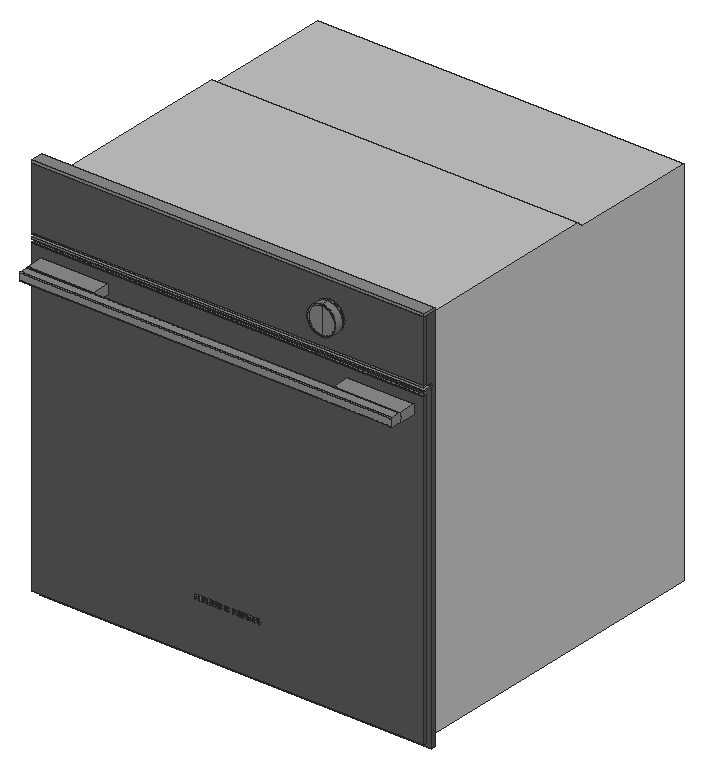
Revit family "FP-Revit19-en-OB60SM16PLB1-WallOven-0-90003129A-AU-NZ-CN-IE-UK", category Specialty Equipment, Revit 2019
Family settings
  Round Connector Dimension = Use Diameter
  Part Type = Normal
  OmniClass Number = 23.40.40.14.17.11
  OmniClass Title = Cookers, Ovens, Stoves
  Work Plane-Based = No
  Always vertical = Yes
  Cut with Voids When Loaded = Yes
  Shared = No
  Room Calculation Point = No
Parameters (values of type "OB60SM16PLB1")
  Visibility - Clearance Required = yes
  URL = "www.fisherpaykel.com"
  Product - Height = 598 mm  # constant formula
  Product - Width = 596 mm  # constant formula
  Product - Depth (Exc. Handles) = 565 mm  # constant formula
  Opening - Height = 600 mm  # constant formula
  Model = "OB60SM16PLB1"
  Material - Trim = Fisher & Paykel - Aluminium, Dark
  Material - Structure = Fisher & Paykel - Black
  Material - Handle = Fisher & Paykel - Aluminium, Dark
  Material - Glass = Fisher & Paykel - Glass, Black
  Material - Dial = Fisher & Paykel - Aluminium, Dark, Matt
  Material - Body = Fisher & Paykel - Grey
  Manufacturer = "Fisher & Paykel Appliances"
  FFL Offset [instance] = 900 mm
  Description = "Oven, 60cm , 16 Function, Self - Cleaning"
  Connector Description - Electrical = "220-240VAC, 50Hz ,15A"
  Chassis - Width = 556 mm  # constant formula
  Chassis - Height = 575 mm  # constant formula
  Chassis - Depth = 545 mm  # constant formula
  Cavity - Width = 560 mm  # constant formula
  Cavity - Height = 580 mm  # constant formula
  Cavity - Depth = 550 mm  # constant formula
Reference planes
  plane 1 "Datum": y = 0
  plane 2: z = -2
  plane 3 "Center (Left/Right)": x = 0
  plane 4 "Product LHS": x = -298
  plane 5 "Product RHS": x = 298
  plane 6 "Cavity RHS": x = 280
  plane 7 "FFL Offset": z = 898
  plane 8 "Chassis - Depth": y = 545
  plane 9 "Front Face": y = -20
  plane 10 "Chassis - Height": z = 1473
  plane 11 "Cavity - Height": z = 1478
  plane 12 "Opening - Height": z = 1498
  plane 13 "Cavity LHS": x = -280
  plane 14 "Cavity -Depth": y = 550
  plane 15 "Product - Height": z = 1496
  plane 16 "Opening - RHS": x = 300
  plane 17 "Opening - LHS": x = -300
  plane 18 "Chassis LHS": x = -278
  plane 19 "Chassis RHS": x = 278
Forms (mm)
  Extrusion 1, solid, material "Fisher & Paykel - Grey" <- "Material - Body"
    sketch origin (0, 0, 0) x (0, 1, 0) y (0, 0, 1)
      loop
        line (0, 1473) -> (0, 898) -> (528, 898) -> (528, 1088) -> (545, 1108) -> (545, 1303) -> (498, 1358) -> (498, 1466) -> (305, 1466) -> (298, 1473) -> (0, 1473)
    from -278 to 278
  Extrusion 2, solid, material "Fisher & Paykel - Black" <- "Material - Structure", detail levels fine
    sketch origin (0, 0, 0) x (0, 1, 0) y (0, 0, 1)
      loop
        line (0, 1492.7) -> (-16, 1492.7) -> (-16, 1396) -> (-4, 1396) -> (-4, 898) -> (0, 898) -> (0, 1492.7)
    from -298 to 298
  Extrusion 3, solid, material "Fisher & Paykel - Glass, Black" <- "Material - Glass", detail levels fine
    sketch origin (0, 0, -3) x (0, 1, 0) y (0, 0, 1)
      loop
        line (-20, 1386.4) -> (-20, 912.5) -> (-16, 912.5) -> (-16, 1386.4) -> (-20, 1386.4)
      loop
        line (-20, 1400.8) -> (-16, 1400.8) -> (-16, 1495.7) -> (-20, 1495.7) -> (-20, 1400.8)
    from -298 to 298
  Extrusion 4, solid, material "Fisher & Paykel - Black" <- "Material - Structure", detail levels fine
    sketch origin (0, 0, 0) x (0, 1, 0) y (0, 0, 1)
      loop
        line (-16, 909.5) -> (-4, 909.5) -> (-4, 1380.364) -> (-13.99, 1384) -> (-16, 1384) -> (-16, 909.5)
    from -268 to 268
  Extrusion 5, solid, material "Fisher & Paykel - Clearance Required", visible <- "Visibility - Clearance Required", detail levels coarse
    sketch origin (0, 0, -2) x (1, 0, 0) y (0, 1, 0)
      loop
        line (-280, 0) -> (280, 0) -> (280, 550) -> (-280, 550) -> (-280, 0)
    from 900 to 1480
  Extrusion 6, void
    sketch origin (0, 0, 0) x (0, 1, 0) y (0, 0, 1)
      loop
        line (-20, 898) -> (0, 898) -> (0, 1498) -> (-20, 1498) -> (-20, 898)
    from -300 to 300
  Extrusion 7, solid, material "Fisher & Paykel - Grey" <- "Material - Body"
    sketch origin (0, 2, 0) x (0, 1, 0) y (0, 0, 1)
      loop
        line (496, 1433.999) -> (496, 1376) -> (517.999, 1376) -> (517.999, 1433.999) -> (496, 1433.999)
    from -221 to -128
  Extrusion 8, solid, material "Fisher & Paykel - Aluminium, Dark" <- "Material - Trim", detail levels fine
    sketch origin (0, 0, -1.199) x (0, 1, 0) y (0, 0, 1)
      loop
        line (-16, 1397.199) -> (-16, 1398.999) -> (-20, 1398.999) -> (-20, 1397.199) -> (-16, 1397.199)
      loop
        line (-16, 1384.599) -> (-16, 1386.199) -> (-20, 1386.199) -> (-20, 1384.599) -> (-16, 1384.599)
      loop
        line (-4, 1390.799) -> (-4, 1392.399) -> (-20, 1392.399) -> (-20, 1390.799) -> (-4, 1390.799)
      loop
        line (0, 1493.899) -> (0, 1497.199) -> (-20, 1497.199) -> (-20, 1493.899) -> (0, 1493.899)
    from -298 to 298
  Extrusion 9, void
    sketch origin (0, 0, -2) x (1, 0, 0) y (0, 1, 0)
      loop
        line (201.865, 545) -> (229, 498) -> (278, 498) -> (278, 545) -> (201.865, 545)
      loop
        line (-201.865, 545) -> (-278, 545) -> (-278, 498) -> (-229, 498) -> (-201.865, 545)
    from 900 to 1480
  Extrusion 10, solid, material "Fisher & Paykel - Grey" <- "Material - Body"
    sketch origin (0, 6.626, -14.403) x (0, 1, 0) y (0, 0, 1)
      loop
        circle (501.374, 1419.388) r 5
    from -271 to -221
  Extrusion 11, void
    sketch origin (0, 0, -2) x (1, 0, 0) y (0, 1, 0)
      loop
        line (-280, 0) -> (280, 0) -> (280, 550) -> (-280, 550) -> (-280, 0)
    from 900 to 1480
  Extrusion 12, solid, material "Fisher & Paykel - Glass, Black" <- "Material - Glass", detail levels coarse+medium
    sketch origin (0, 0, 0) x (0, 1, 0) y (0, 0, 1)
      loop
        line (0, 1496) -> (-20, 1496) -> (-20, 1396) -> (-4, 1396) -> (-4, 1391.2) -> (-4, 1380.364) -> (-13.99, 1384) -> (-16, 1384) -> (-16, 1385) -> (-20, 1385) -> (-20, 909.5) -> (-4, 909.5) -> (-4, 898) -> (0, 898) -> (0, 1496)
    from -298 to 298
  Extrusion 13, solid, material "Fisher & Paykel - Clearance Required", visible <- "Visibility - Clearance Required", detail levels coarse
    sketch origin (0, 0, -15) x (0, 1, 0) y (0, 0, 1)
      loop
        line (-20, 946.639) -> (-20, 913) -> (0, 913) -> (0, 1513) -> (-20, 1513) -> (-20, 1400)
        arc (-20, 1400) -> (-332.479, 1274.952) -> (-475.335, 970.203) r 458.415
        line (-475.335, 970.203) -> (-461.431, 969.484) -> (-463.168, 935.896) -> (-450.381, 935.235) -> (-448.645, 968.805) -> (-20, 946.639)
    from -300 to 300
Cuts and joins
  Extrusion 9 cuts Extrusion 1
Text (mm)
  text "Due to ongoing product development, product details are subject to change without notice. \nPlease always refer to www.fisherpaykel.com for the most current product information. \n© Fisher & Paykel 2020" at (41.04, -613.295, 0), in view "Ref. Level (Plan)"
Dimensions and locks
  equal spacing: plane 4 "Product LHS", plane 3 "Center (Left/Right)", plane 5 "Product RHS"
  "Product - Width": plane 4 "Product LHS" to plane 5 "Product RHS"
  "FFL Offset": plane 7 "FFL Offset" to level
  locked: plane 9 "Front Face" to plane 1 "Datum" at 20
  "Cavity - Height": plane 11 "Cavity - Height" to plane 7 "FFL Offset"
  "Chassis - Height": plane 10 "Chassis - Height" to plane 7 "FFL Offset"
  "Cavity - Depth": plane 1 "Datum" to plane 14 "Cavity -Depth"
  "Cavity - Width": plane 13 "Cavity LHS" to plane 6 "Cavity RHS"
  Extrusion 6 to Extrusion 3 = 11.5 mm
  "Chassis - Depth": plane 1 "Datum" to plane 8 "Chassis - Depth"
  equal spacing: plane 13 "Cavity LHS", plane 3 "Center (Left/Right)", plane 6 "Cavity RHS"
  "Opening - Height": plane 7 "FFL Offset" to plane 12 "Opening - Height"
  "Product - Height": plane 7 "FFL Offset" to plane 15 "Product - Height"
  equal spacing: cut or joined group of Extrusion 1, Extrusion 9, plane 3 "Center (Left/Right)", cut or joined group of Extrusion 1, Extrusion 9
  "Chassis - Width": cut or joined group of Extrusion 1, Extrusion 9 to cut or joined group of Extrusion 1, Extrusion 9
  locked: plane 15 "Product - Height" to nested 2 at 506.195
  locked: nested 1 to plane 15 "Product - Height" at 52.1
  locked: nested 3 to plane 15 "Product - Height" at 135
  aligned and locked: level to plane 2
  aligned and locked: plane 4 "Product LHS" to Extrusion 3
  aligned and locked: Extrusion 3 to plane 5 "Product RHS"
  aligned and locked: plane 4 "Product LHS" to Extrusion 2
  aligned and locked: Extrusion 2 to plane 5 "Product RHS"
  aligned and locked: Extrusion 1 to plane 7 "FFL Offset"
  aligned and locked: Extrusion 8 to plane 5 "Product RHS"
  aligned and locked: Extrusion 8 to Extrusion 3
  aligned and locked: Extrusion 6 to Extrusion 3
  aligned and locked: Extrusion 3 to Extrusion 8
  aligned and locked: Extrusion 4 to Extrusion 3
  aligned and locked: Extrusion 4 to Extrusion 2
  aligned and locked: Extrusion 8 to plane 1 "Datum"
  aligned and locked: plane 9 "Front Face" to Extrusion 6
  aligned and locked: Extrusion 5 to plane 6 "Cavity RHS"
  aligned and locked: Extrusion 10 to Extrusion 7
  aligned and locked: plane 11 "Cavity - Height" to Extrusion 5
  aligned and locked: Extrusion 6 to plane 12 "Opening - Height"
  aligned and locked: Extrusion 6 to Extrusion 2
  aligned and locked: Extrusion 8 to plane 15 "Product - Height"
  aligned and locked: Extrusion 8 to Extrusion 2
  aligned and locked: Extrusion 9 to Extrusion 1
  aligned and locked: Extrusion 5 to Extrusion 2
  aligned and locked: Extrusion 5 to Extrusion 9
  aligned and locked: Extrusion 5 to plane 7 "FFL Offset"
  aligned and locked: Extrusion 1 to Extrusion 9
  aligned and locked: Extrusion 12 sketch curve to plane 15 "Product - Height"
  aligned and locked: plane 11 "Cavity - Height" to Extrusion 11
  aligned and locked: Extrusion 2 to Extrusion 11
  aligned and locked: Extrusion 3 to Extrusion 4
Automatic sketch dimensions
  Extrusion 1 sketch curve to plane 1 "Datum" = 0 mm
  Extrusion 1 sketch curve to plane 10 "Chassis - Height" = 0 mm
  Extrusion 1 sketch curve to plane 7 "FFL Offset" = 0 mm
  Extrusion 1 sketch curve to plane 8 "Chassis - Depth" = 0 mm
  Extrusion 1 sketch curve to Extrusion 1 sketch curve = 7 mm
  Extrusion 1 sketch curve to plane 10 "Chassis - Height" = 7 mm
  Extrusion 1 sketch curve to Extrusion 1 sketch curve = 20 mm
  Extrusion 2 sketch curve to plane 7 "FFL Offset" = 0 mm
  Extrusion 2 sketch curve to plane 1 "Datum" = 0 mm
  plane 1 "Datum" to Extrusion 2 sketch curve = 4 mm
  Extrusion 2 sketch curve to plane 9 "Front Face" = 4 mm
  plane 15 "Product - Height" to Extrusion 2 sketch curve = 3.3 mm
  Extrusion 3 sketch curve to plane 9 "Front Face" = 0 mm  (x2)
  Extrusion 3 sketch curve to Extrusion 3 sketch curve = 4 mm  (x2)
  plane 7 "FFL Offset" to Extrusion 3 sketch curve = 11.5 mm
  Extrusion 3 sketch curve to Extrusion 3 sketch curve = 14.4 mm
  plane 15 "Product - Height" to Extrusion 3 sketch curve = 3.3 mm
  Extrusion 4 sketch curve to plane 9 "Front Face" = 4 mm
  Extrusion 4 sketch curve to Extrusion 4 sketch curve = 2.01 mm
  plane 1 "Datum" to Extrusion 4 sketch curve = 4 mm
  plane 7 "FFL Offset" to Extrusion 4 sketch curve = 11.5 mm
  Extrusion 4 sketch curve to Extrusion 4 sketch curve = 3.636 mm
  Extrusion 5 sketch curve to plane 13 "Cavity LHS" = 0 mm
  Extrusion 5 sketch curve to plane 6 "Cavity RHS" = 0 mm
  plane 1 "Datum" to Extrusion 5 sketch curve = 0 mm
  Extrusion 5 sketch curve to plane 14 "Cavity -Depth" = 0 mm
  Extrusion 6 sketch curve to plane 9 "Front Face" = 0 mm
  Extrusion 6 sketch curve to plane 1 "Datum" = 0 mm
  Extrusion 6 sketch curve to plane 7 "FFL Offset" = 0 mm
  plane 12 "Opening - Height" to Extrusion 6 sketch curve = 0 mm
  Extrusion 7 sketch curve to Extrusion 7 sketch curve = 21.999 mm
  Extrusion 8 sketch curve to plane 9 "Front Face" = 0 mm  (x4)
  Extrusion 8 sketch curve to plane 1 "Datum" = 0 mm
  plane 15 "Product - Height" to Extrusion 8 sketch curve = 0 mm
  Extrusion 8 sketch curve to Extrusion 8 sketch curve = 4 mm  (x2)
  plane 1 "Datum" to Extrusion 8 sketch curve = 4 mm
  plane 15 "Product - Height" to Extrusion 8 sketch curve = 3.3 mm
  Extrusion 8 sketch curve to Extrusion 8 sketch curve = 1.8 mm
  Extrusion 8 sketch curve to Extrusion 8 sketch curve = 4.8 mm
  Extrusion 8 sketch curve to Extrusion 8 sketch curve = 1.6 mm  (x2)
  Extrusion 8 sketch curve to Extrusion 8 sketch curve = 4.6 mm
  Extrusion 9 sketch curve to plane 8 "Chassis - Depth" = 0 mm  (x2)
  Extrusion 9 sketch curve to plane 13 "Cavity LHS" = 2 mm
  Extrusion 9 sketch curve to Extrusion 9 sketch curve = 49 mm
  Extrusion 9 sketch curve to Extrusion 9 sketch curve = 27.135 mm
  plane 6 "Cavity RHS" to Extrusion 9 sketch curve = 78.135 mm
  plane 6 "Cavity RHS" to Extrusion 9 sketch curve = 51 mm
  plane 6 "Cavity RHS" to Extrusion 9 sketch curve = 2 mm
  Extrusion 11 sketch curve to plane 13 "Cavity LHS" = 0 mm
  Extrusion 11 sketch curve to plane 6 "Cavity RHS" = 0 mm
  plane 1 "Datum" to Extrusion 11 sketch curve = 0 mm
  Extrusion 11 sketch curve to plane 14 "Cavity -Depth" = 0 mm
  Extrusion 7 sketch curve to plane 10 "Chassis - Height" = 39.001 mm
  Extrusion 1 sketch curve to Extrusion 1 sketch curve = 163 mm
  Extrusion 1 sketch curve to Extrusion 1 sketch curve = 55 mm
  Extrusion 2 sketch curve to plane 10 "Chassis - Height" = 77 mm
  Extrusion 3 sketch curve to plane 10 "Chassis - Height" = 89.6 mm
  Extrusion 4 sketch curve to plane 10 "Chassis - Height" = 92.636 mm
  Extrusion 7 sketch curve to Extrusion 7 sketch curve = 57.999 mm
  Extrusion 8 sketch curve to plane 10 "Chassis - Height" = 75.2 mm
  Extrusion 10 sketch curve to plane 10 "Chassis - Height" = 68.015 mm
  Extrusion 13 sketch curve to plane 9 "Front Face" = 0 mm  (x2)
  Extrusion 13 sketch curve to plane 1 "Datum" = 0 mm
  plane 7 "FFL Offset" to Extrusion 13 sketch curve = 0 mm
  Extrusion 13 sketch curve to plane 12 "Opening - Height" = 0 mm
  plane 9 "Front Face" to Extrusion 13 sketch curve = 428.645 mm
  plane 7 "FFL Offset" to Extrusion 13 sketch curve = 22.235 mm
  Extrusion 13 sketch curve to Extrusion 13 sketch curve = 1.736 mm
  Extrusion 13 sketch curve to Extrusion 13 sketch curve = 12.786 mm
  Extrusion 13 sketch curve to plane 9 "Front Face" = 2.186 mm
  Extrusion 13 sketch curve to Extrusion 13 sketch curve = 5.049 mm
  Extrusion 12 sketch curve to plane 9 "Front Face" = 0 mm  (x2)
  Extrusion 12 sketch curve to plane 7 "FFL Offset" = 0 mm
  Extrusion 12 sketch curve to plane 1 "Datum" = 0 mm
  Extrusion 12 sketch curve to Extrusion 12 sketch curve = 4 mm
  Extrusion 12 sketch curve to Extrusion 12 sketch curve = 2.01 mm
  plane 1 "Datum" to Extrusion 12 sketch curve = 4 mm  (x2)
  Extrusion 12 sketch curve to plane 10 "Chassis - Height" = 92.636 mm
  Extrusion 12 sketch curve to Extrusion 12 sketch curve = 3.636 mm
  Extrusion 12 sketch curve to Extrusion 12 sketch curve = 1 mm
  Extrusion 12 sketch curve to Extrusion 12 sketch curve = 10.836 mm
  Extrusion 12 sketch curve to Extrusion 12 sketch curve = 11 mm
  Extrusion 12 sketch curve to Extrusion 12 sketch curve = 11.5 mm
  Extrusion 1 sketch curve to Extrusion 1 sketch curve = 190 mm
  plane 7 "FFL Offset" to Extrusion 13 sketch curve = 22.896 mm
  Extrusion 13 sketch curve to Extrusion 13 sketch curve = 12.787 mm
  plane 7 "FFL Offset" to Extrusion 13 sketch curve = 57.203 mm
  Extrusion 1 sketch curve to plane 8 "Chassis - Depth" = 247 mm
  Extrusion 1 sketch curve to plane 8 "Chassis - Depth" = 47 mm
  Extrusion 1 sketch curve to plane 8 "Chassis - Depth" = 17 mm
  Extrusion 7 sketch curve to plane 8 "Chassis - Depth" = 47 mm
  Extrusion 9 sketch curve to plane 8 "Chassis - Depth" = 47 mm  (x2)
  Extrusion 10 sketch curve to plane 8 "Chassis - Depth" = 37 mm
  radius of Extrusion 10 sketch curve = 5 mm
Nested families
  nested 1: "F&P Dial Minimal Oven" at (155.3, -20, 1444), type "F&P Dial Minimal Oven"
  nested 2: "F&P Logo 100mm" at (0.044, -20, 987), type "Grey"
  nested 3: "F&P Handle Contemporary Square Fine OB60-24" at (0, -20, 1361.022), type "Aluminium Black"
Connectors
  electrical at (-271, 508, 1404.985), driven by "Connector Description - Electrical"
    settings: on Extrusion 10, index 1, voltage 230 V, apparent load 0 VA, apparent load phase1 0 VA, apparent load phase2 0 VA, apparent load phase3 0 VA, power factor 1, load classification "Other", number of poles 1, system type 30, power factor state 1, is connector primary yes, connector utility yes, sub classification motor no, connector description "220-240VAC, 50Hz ,15A"
Definition of nested family "F&P Dial Minimal Oven"
  Parameters (values of type "F&P Dial Minimal Oven")
    URL = "www.fisherpaykel.com"
    Material - Buttons and Dials = none
    Manufacturer = "Fisher & Paykel Appliances"
  Reference planes
    plane 1 "Center (Front/Back)": y = 0
    plane 2: z = 0
    plane 3 "Center (Left/Right)": x = 0
    plane 4: x = 0
    plane 5 "Dial": z = 0
  Forms (mm)
    Revolve 1, solid, material <- "Material - Buttons and Dials", detail levels fine
      sketch origin (0, 0, 0) x (0, 1, 0) y (0, 0, 1)
        loop
          line (-15.2, 0) -> (0, 0) -> (0, 22) -> (-0.8, 22) -> (-0.8, 18.5) -> (-4.2, 18.5) -> (-4.2, 20.136) -> (-4.7, 22) -> (-15.8, 22) -> (-15.8, 21.2) -> (-15.301, 20) -> (-15.301, 0)
        axis (-15.8, 0) -> (0, 0)
      angle from 0 to 360
    Revolve 2, solid, material <- "Material - Buttons and Dials", detail levels coarse+medium
      sketch origin (0, 0, 0) x (0, 1, 0) y (0, 0, 1)
        loop
          line (0, 18.5) -> (-4.2, 18.5) -> (-4.2, 22) -> (-15.8, 22) -> (-15.8, 0) -> (0, 0) -> (0, 18.5)
        axis (-15.8, 0) -> (0, 0)
      angle from 0 to 360
  Dimensions and locks
    aligned and locked: level to plane 2
Definition of nested family "F&P Logo 100mm"
  Parameters (values of type "Grey")
    URL = "www.fisherpaykel.com"
    Material - Logo = none
    Manufacturer = "Fisher & Paykel Appliances"
  Reference planes
    plane 1 "Center (Front/Back)": y = 0
    plane 2: z = 0
    plane 3 "Center (Left/Right)": x = 0
    plane 4 "Logo": z = 2.805
  Forms (mm)
    Extrusion 1, solid, material <- "Material - Logo", detail levels fine
      sketch origin (0, 0, 0) x (1, 0, 0) y (0, 0, 1)
        loop
          line (-50.044, 0) -> (-48.47, 0) -> (-48.47, 2.138) -> (-46.011, 2.138) -> (-46.011, 3.472) -> (-48.47, 3.472) -> (-48.47, 4.712) -> (-45.795, 4.712) -> (-45.795, 6.04) -> (-50.044, 6.04) -> (-50.044, 0)
        loop
          line (-42.804, 6.04) -> (-42.804, 0) -> (-41.23, 0) -> (-41.23, 6.04) -> (-42.804, 6.04)
        loop
          line (-30.724, 6.04) -> (-30.724, 0) -> (-29.151, 0) -> (-29.151, 2.42) -> (-26.839, 2.42) -> (-26.839, 0) -> (-25.265, 0) -> (-25.265, 6.04) -> (-26.839, 6.04) -> (-26.839, 3.748) -> (-29.151, 3.748) -> (-29.151, 6.04) -> (-30.724, 6.04)
        loop
          line (-21.906, 6.04) -> (-21.906, 0) -> (-17.602, 0) -> (-17.602, 1.328) -> (-20.347, 1.328) -> (-20.347, 2.42) -> (-17.838, 2.42) -> (-17.838, 3.748) -> (-20.347, 3.748) -> (-20.347, 4.712) -> (-17.602, 4.712) -> (-17.602, 6.04) -> (-21.906, 6.04)
        loop
          line (45.667, 6.04) -> (45.667, 0) -> (49.956, 0) -> (49.956, 1.328) -> (47.241, 1.328) -> (47.241, 6.04) -> (45.667, 6.04)
        loop
          line (42.431, 6.04) -> (38.112, 6.04) -> (38.112, 0) -> (42.431, 0) -> (42.431, 1.328) -> (39.687, 1.328) -> (39.687, 2.42) -> (42.195, 2.42) -> (42.195, 3.748) -> (39.687, 3.748) -> (39.687, 4.712) -> (42.431, 4.712) -> (42.431, 6.04)
        loop
          line (33.443, 3.137) -> (35.683, 6.04) -> (33.844, 6.04) -> (31.915, 3.542) -> (31.915, 6.04) -> (30.342, 6.04) -> (30.342, 0) -> (31.915, 0) -> (31.915, 2.705) -> (33.903, 0) -> (35.747, 0) -> (33.443, 3.137)
        loop
          line (21.98, 6.04) -> (24.262, 2.42) -> (24.262, 0) -> (25.837, 0) -> (25.837, 2.341) -> (28.119, 6.04) -> (26.446, 6.04) -> (25.099, 3.707) -> (23.753, 6.04) -> (21.98, 6.04)
        loop
          line (18.479, 6.04) -> (16.983, 6.04) -> (14.524, 0) -> (16.069, 0) -> (16.501, 1.112) -> (18.786, 1.112) -> (19.219, 0) -> (20.938, 0) -> (18.479, 6.04)
        loop
          line (18.4, 2.439) -> (17.693, 4.174) -> (17.018, 2.439) -> (18.4, 2.439)
        loop
          line (8.031, 6.04) -> (8.031, 0) -> (9.605, 0) -> (9.605, 1.938) -> (10.599, 1.938)
          arc (10.599, 1.938) -> (12.65, 3.989) -> (10.599, 6.04) r 2.051
          line (10.599, 6.04) -> (8.031, 6.04)
        loop
          line (9.605, 4.712) -> (9.605, 3.197) -> (10.501, 3.197)
          arc (10.501, 3.197) -> (11.259, 3.954) -> (10.501, 4.712) r 0.757
          line (10.501, 4.712) -> (9.605, 4.712)
        loop
          line (-11.783, 6.04) -> (-14.366, 6.04) -> (-14.366, 0) -> (-12.792, 0) -> (-12.792, 1.336) -> (-11.992, 1.336) -> (-10.972, 0) -> (-9.153, 0) -> (-10.694, 1.973)
          arc (-10.694, 1.973) -> (-9.678, 4.424) -> (-11.783, 6.04) r 2.179
        loop
          line (-11.897, 4.712) -> (-12.792, 4.712) -> (-12.792, 3.053) -> (-11.897, 3.053)
          arc (-11.897, 3.053) -> (-11.068, 3.882) -> (-11.897, 4.712) r 0.83
        loop
          line (0.477, 4.712) -> (0.477, 6.153) -> (-3.575, 6.153) -> (-3.575, 4.851) -> (-2.974, 4.112)
          arc (-2.974, 4.112) -> (-3.51, 0.684) -> (-0.045, 0.512) r 2.334
          line (-0.045, 0.512) -> (0.46, -0.109) -> (2.246, -0.109) -> (0.86, 1.594) -> (2.061, 3.324) -> (0.443, 3.324) -> (-0.013, 2.667) -> (-1.677, 4.712) -> (0.477, 4.712)
        loop
          arc (-2.125, 3.068) -> (-2.269, 1.668) -> (-0.868, 1.524) r 0.996
          line (-0.868, 1.524) -> (-2.125, 3.068)
        loop
          line (-35.18, 3.634) -> (-36.516, 3.91)
          arc (-36.516, 3.91) -> (-37.049, 4.443) -> (-36.516, 4.976) r 0.533
          arc (-36.516, 4.976) -> (-35.235, 4.79) -> (-34.059, 4.248) r 4.505
          line (-34.059, 4.248) -> (-34.059, 5.743)
          arc (-34.059, 5.743) -> (-35.549, 6.179) -> (-37.1, 6.109) r 4.726
          arc (-37.1, 6.109) -> (-38.536, 4.335) -> (-37.1, 2.561) r 1.814
          line (-37.1, 2.561) -> (-35.754, 2.282)
          arc (-35.754, 2.282) -> (-35.221, 1.749) -> (-35.754, 1.216) r 0.533
          arc (-35.754, 1.216) -> (-37.035, 1.402) -> (-38.211, 1.945) r 4.505
          line (-38.211, 1.945) -> (-38.211, 0.449)
          arc (-38.211, 0.449) -> (-36.72, 0.013) -> (-35.169, 0.083) r 4.726
          arc (-35.169, 0.083) -> (-33.734, 1.863) -> (-35.18, 3.634) r 1.814
      from 0 to 0.8
  Dimensions and locks
    aligned and locked: level to plane 2
Definition of nested family "F&P Handle Contemporary Square Fine OB60-24"
  Parameters (values of type "Aluminium Black")
    URL = "www.fisherpaykel.com"
    Material - Handle = none
    Manufacturer = "Fisher & Paykel Appliances"
    Handle - Length = 565 mm
  Reference planes
    plane 1 "Center (Front/Back)": y = 0
    plane 2: z = 0
    plane 3 "Center (Left/Right)": x = 0
    plane 4 "Product LHS": x = -282.5
    plane 5 "Product RHS": x = 282.5
    plane 6 "LHS Standoff": x = -182.495
    plane 7 "RHS Standoff": x = 182.505
    plane 8 "Handle centre": z = -0.022
    plane 9: z = -0.022
  Forms (mm)
    Extrusion 1, solid, material <- "Material - Handle", detail levels fine
      sketch origin (0, 0, 0) x (0, 1, 0) y (0, 0, 1)
        loop
          arc (-26.813, 6.16) -> (-27.196, 6.554) -> (-27.728, 6.686) r 1
          line (-27.728, 6.686) -> (-40.035, 6.256)
          arc (-40.035, 6.256) -> (-40.719, 5.951) -> (-41, 5.257) r 1
          line (-41, 5.257) -> (-41, -5.257)
          arc (-41, -5.257) -> (-40.719, -5.951) -> (-40.035, -6.256) r 1
          line (-40.035, -6.256) -> (-27.709, -6.686)
          arc (-27.709, -6.686) -> (-27.175, -6.554) -> (-26.792, -6.158) r 1
          arc (-26.792, -6.158) -> (-25.256, 0.004) -> (-26.813, 6.16) r 13.038
      from -282.5 to 282.5
    Extrusion 2, solid, material <- "Material - Handle", detail levels fine
      sketch origin (0, 0, 0) x (0, 1, 0) y (0, 0, 1)
        loop
          arc (-26.626, -6.008) -> (-26.614, -6.49) -> (-26.2, -6.737) r 0.5
          line (-26.2, -6.737) -> (0, -7.696) -> (0, 7.704) -> (-26.174, 6.747)
          arc (-26.174, 6.747) -> (-26.587, 6.5) -> (-26.6, 6.019) r 0.5
          arc (-26.6, 6.019) -> (-25.156, 0.002) -> (-26.626, -6.008) r 13.136
      from 182.505 to 282.5
    Extrusion 3, solid, material <- "Material - Handle", detail levels coarse+medium
      sketch origin (0, 0, 0) x (1, 0, 0) y (0, 1, 0)
        loop
          line (-282.5, -42) -> (282.5, -42) -> (282.5, 0) -> (182.505, 0) -> (182.505, -26.156) -> (-182.495, -26.156) -> (-182.495, 0) -> (-282.5, 0) -> (-282.5, -42)
      from -8.022 to 7.978
    Extrusion 4, solid, material <- "Material - Handle", detail levels fine
      sketch origin (0, 0, 0) x (0, 1, 0) y (0, 0, 1)
        loop
          arc (-26.626, -6.008) -> (-26.614, -6.49) -> (-26.2, -6.737) r 0.5
          line (-26.2, -6.737) -> (0, -7.696) -> (0, 7.704) -> (-26.174, 6.747)
          arc (-26.174, 6.747) -> (-26.587, 6.5) -> (-26.6, 6.019) r 0.5
          arc (-26.6, 6.019) -> (-25.156, 0.002) -> (-26.626, -6.008) r 13.136
      from -282.5 to -182.495
  Dimensions and locks
    equal spacing: plane 4 "Product LHS", plane 3 "Center (Left/Right)", plane 5 "Product RHS"
    "Handle - Length": plane 4 "Product LHS" to plane 5 "Product RHS"
    locked: plane 4 "Product LHS" to plane 6 "LHS Standoff" at 100.005
    locked: plane 7 "RHS Standoff" to plane 5 "Product RHS" at 99.995
    aligned and locked: level to plane 2
    aligned and locked: Extrusion 1 to plane 5 "Product RHS"
    aligned and locked: plane 4 "Product LHS" to Extrusion 1
    aligned and locked: Extrusion 2 to plane 5 "Product RHS"
    aligned and locked: plane 4 "Product LHS" to Extrusion 3 sketch curve
    aligned and locked: Extrusion 3 sketch curve to plane 5 "Product RHS"
    aligned and locked: Extrusion 3 sketch curve to plane 7 "RHS Standoff"
    aligned and locked: plane 6 "LHS Standoff" to Extrusion 3 sketch curve
    aligned and locked: plane 4 "Product LHS" to Extrusion 4
    aligned and locked: plane 6 "LHS Standoff" to Extrusion 4
    aligned and locked: Extrusion 2 to plane 7 "RHS Standoff"
  Automatic sketch dimensions
    Extrusion 1 sketch curve to level = 5.257 mm
    plane 1 "Center (Front/Back)" to Extrusion 1 sketch curve = 41 mm
    level to Extrusion 1 sketch curve = 6.256 mm
    Extrusion 1 sketch curve to Extrusion 1 sketch curve = 0.965 mm  (x2)
    Extrusion 1 sketch curve to level = 6.256 mm
    Extrusion 1 sketch curve to Extrusion 1 sketch curve = 0.035 mm  (x3)
    Extrusion 1 sketch curve to level = 0.018 mm
    Extrusion 1 sketch curve to Extrusion 1 sketch curve = 1.706 mm
    level to Extrusion 1 sketch curve = 6.686 mm
    Extrusion 1 sketch curve to Extrusion 1 sketch curve = 12.307 mm
    Extrusion 1 sketch curve to level = 6.686 mm
    Extrusion 1 sketch curve to Extrusion 1 sketch curve = 12.326 mm
    Extrusion 1 sketch curve to Extrusion 1 sketch curve = 0.999 mm  (x2)
    Extrusion 1 sketch curve to Extrusion 1 sketch curve = 0 mm
    Extrusion 2 sketch curve to plane 1 "Center (Front/Back)" = 0 mm
    level to Extrusion 2 sketch curve = 6.247 mm
    plane 1 "Center (Front/Back)" to Extrusion 2 sketch curve = 26.155 mm
    level to Extrusion 2 sketch curve = 6.747 mm
    Extrusion 2 sketch curve to Extrusion 2 sketch curve = 0.018 mm  (x2)
    Extrusion 2 sketch curve to level = 6.238 mm
    Extrusion 2 sketch curve to Extrusion 2 sketch curve = 0.026 mm
    Extrusion 2 sketch curve to level = 6.737 mm
    level to Extrusion 2 sketch curve = 0.03 mm
    Extrusion 2 sketch curve to Extrusion 2 sketch curve = 12.11 mm
    Extrusion 2 sketch curve to level = 7.696 mm
    level to Extrusion 2 sketch curve = 7.704 mm
    Extrusion 2 sketch curve to Extrusion 2 sketch curve = 0 mm
    plane 1 "Center (Front/Back)" to Extrusion 3 sketch curve = 42 mm
    Extrusion 3 sketch curve to Extrusion 3 sketch curve = 15.844 mm
    Extrusion 3 sketch curve to Extrusion 3 sketch curve = 26.156 mm  (x2)
    level to Extrusion 4 sketch curve = 0.03 mm
    plane 1 "Center (Front/Back)" to Extrusion 4 sketch curve = 38.291 mm
    Extrusion 4 sketch curve to level = 6.737 mm
    Extrusion 4 sketch curve to Extrusion 4 sketch curve = 12.091 mm
    Extrusion 4 sketch curve to Extrusion 4 sketch curve = 0.018 mm  (x2)
    level to Extrusion 4 sketch curve = 6.747 mm
    Extrusion 4 sketch curve to Extrusion 4 sketch curve = 0.008 mm
    level to Extrusion 4 sketch curve = 7.704 mm
    Extrusion 4 sketch curve to Extrusion 4 sketch curve = 26.174 mm
    Extrusion 4 sketch curve to level = 7.696 mm
    Extrusion 4 sketch curve to Extrusion 4 sketch curve = 0.5 mm  (x2)
    Extrusion 4 sketch curve to Extrusion 4 sketch curve = 0 mm
